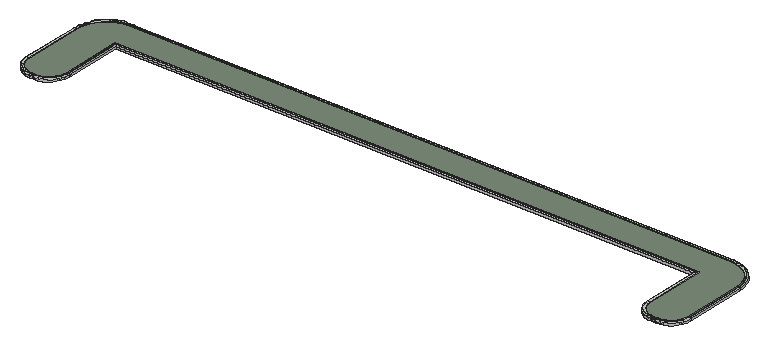
Revit family "M_Estacionamento-Um lado", category Terreno, Revit 2019
Family settings
  Cota do conector redondo = Utilizar diâmetro
  Tipo de parte = Normal
  ID de item do Seek = Parking Island-Single Sided-0000-CAN-ENU
  Com base no plano de trabalho = Não
  Sempre na vertical = Não
  Corte com vazios quando carregada = Não
  Compartilhado = Não
Parameters (values of type "15 Espaços")
  Profundidade do estacionamento = 4800 mm
  Largura do estacionamento [instance] = 36000 mm
Types (3, lengths in mm): name | Largura do estacionamento
  (no name) | 36000
  15 Espaços | 36000
  20 Espaços | 48000
Reference planes
  plane 1: z = 0
  plane 2 "Centro (Esquerda/Direita)": x = -1955.8
  plane 3: x = -42731
  plane 4: y = -6223
  plane 5: y = -1423
  plane 6: x = -40343.4
  plane 7: x = -4343.4
  plane 8: y = 405.8
  plane 9: x = -40191
  plane 10: x = -42883.4
  plane 11: y = 558.2
  plane 12: y = -1575.4
  plane 13: x = -1803.4
  plane 14: x = -4495.8
  plane 15: y = -6375.4
Forms (mm)
  Sweep 1, solid, material "Concreto, Moldado no local - Cinza"
    path origin (0, 0, 0) x (1, 0, 0) y (0, 1, 0)
      loop
        arc (-4495.8, -5156.2) -> (-4138.705, -6018.305) -> (-3276.6, -6375.4) r 1219.2
        line (-3276.6, -6375.4) -> (-3022.6, -6375.4)
        arc (-3022.6, -6375.4) -> (-2160.495, -6018.305) -> (-1803.4, -5156.2) r 1219.2
        line (-1803.4, -5156.2) -> (-1803.4, -1423)
        arc (-1803.4, -1423) -> (-2383.68, -22.08) -> (-3784.6, 558.2) r 1981.2
        line (-3784.6, 558.2) -> (-40902.2, 558.2)
        arc (-40902.2, 558.2) -> (-42303.12, -22.08) -> (-42883.4, -1423) r 1981.2
        line (-42883.4, -1423) -> (-42883.4, -5156.2)
        arc (-42883.4, -5156.2) -> (-42526.305, -6018.305) -> (-41664.2, -6375.4) r 1219.2
        line (-41664.2, -6375.4) -> (-41410.2, -6375.4)
        arc (-41410.2, -6375.4) -> (-40548.095, -6018.305) -> (-40191, -5156.2) r 1219.2
        line (-40191, -5156.2) -> (-40191, -1575.4) -> (-4495.8, -1575.4) -> (-4495.8, -5156.2)
    profile origin (0, -3365.8, 0) x (-1, 0, 0) y (0, 0, 1)
      loop
        line (4495.8, 0) -> (4495.8, 127)
        arc (4495.8, 127) -> (4480.921, 162.921) -> (4445, 177.8) r 50.8
        line (4445, 177.8) -> (4318, 177.8) -> (4318, 0) -> (4495.8, 0)
  Extrusion 2, solid, material "Grama"
    sketch origin (0, 0, 0) x (1, 0, 0) y (0, 1, 0)
      loop
        line (-1955.8, -5181.6) -> (-1955.8, -1423)
        arc (-1955.8, -1423) -> (-2491.443, -129.843) -> (-3784.6, 405.8) r 1828.8
        line (-3784.6, 405.8) -> (-40902.2, 405.8)
        arc (-40902.2, 405.8) -> (-42195.357, -129.843) -> (-42731, -1423) r 1828.8
        line (-42731, -1423) -> (-42731, -5181.6)
        arc (-42731, -5181.6) -> (-42425.981, -5917.981) -> (-41689.6, -6223) r 1041.4
        line (-41689.6, -6223) -> (-41384.8, -6223)
        arc (-41384.8, -6223) -> (-40648.419, -5917.981) -> (-40343.4, -5181.6) r 1041.4
        line (-40343.4, -5181.6) -> (-40343.4, -1423) -> (-4343.4, -1423) -> (-4343.4, -5181.6)
        arc (-4343.4, -5181.6) -> (-4038.381, -5917.981) -> (-3302, -6223) r 1041.4
        line (-3302, -6223) -> (-2997.2, -6223)
        arc (-2997.2, -6223) -> (-2260.819, -5917.981) -> (-1955.8, -5181.6) r 1041.4
    from 0 to 177.8
Lines and regions (mm)
  symbolic lines, style "Estacionamento"
    curve 1: line (-42731, -1423, 0) -> (-42731, -5181.655, 0)
    curve 2: line (-40343.4, -5181.655, 0) -> (-40343.4, -1423, 0)
    curve 3: line (-40343.4, -1423, 0) -> (-4343.4, -1423, 0)
    curve 4: line (-3784.6, 405.8, 0) -> (-40902.2, 405.8, 0)
    curve 5: line (-4343.4, -1423, 0) -> (-4343.4, -5181.6, 0)
    curve 6: arc (-4343.4, -5181.6, 0) -> (-4038.381, -5917.981, 0) -> (-3302, -6223, 0) r 1041.4
    curve 7: line (-3302, -6223, 0) -> (-2997.2, -6223, 0)
    curve 8: arc (-2997.2, -6223, 0) -> (-2260.819, -5917.981, 0) -> (-1955.8, -5181.6, 0) r 1041.4
    curve 9: line (-1955.8, -5181.6, 0) -> (-1955.8, -1423, 0)
    curve 10: line (-40343.4, -1423, 0) -> (-40343.4, -5181.655, 0)
    curve 11: arc (-1955.8, -1423, 0) -> (-2491.443, -129.843, 0) -> (-3784.6, 405.8, 0) r 1828.8
    curve 12: arc (-40902.2, 405.8, 0) -> (-42195.357, -129.843, 0) -> (-42731, -1423, 0) r 1828.8
    curve 13: arc (-40343.4, -5181.655, 0) -> (-40648.419, -5918.036, 0) -> (-41384.8, -6223.055, 0) r 1041.4
    curve 14: line (-41384.8, -6223.055, 0) -> (-41689.6, -6223.055, 0)
    curve 15: arc (-41689.6, -6223.055, 0) -> (-42425.981, -5918.036, 0) -> (-42731, -5181.655, 0) r 1041.4
Dimensions and locks
  plane 3 to plane 6 = 2387.6 mm
  plane 7 to plane 2 "Centro (Esquerda/Direita)" = 2387.6 mm
  "Largura do estacionamento": plane 6 to plane 7
  locked: plane 8 to plane 11 at 152.4
  locked: plane 5 to plane 12 at 152.4
  locked: plane 6 to plane 9 at 152.4
  locked: plane 10 to plane 3 at 152.4
  locked: plane 14 to plane 7 at 152.4
  locked: plane 2 "Centro (Esquerda/Direita)" to plane 13 at 152.4
  locked: plane 4 to plane 15 at 152.4
  plane 5 to plane 8 = 1828.8 mm
  "Profundidade do estacionamento": plane 5 to plane 4
  aligned and locked: Extrusion 2 sketch curve to plane 8
  aligned and locked: plane 6 to Extrusion 2 sketch curve
  aligned and locked: Extrusion 2 sketch curve to plane 3
  aligned and locked: Extrusion 2 sketch curve to plane 2 "Centro (Esquerda/Direita)"
  aligned and locked: plane 9 to Sweep 1 sketch curve
  aligned and locked: plane 10 to Sweep 1 sketch curve
  aligned and locked: Sweep 1 sketch curve to plane 11
  aligned and locked: plane 12 to Sweep 1 sketch curve
  aligned and locked: plane 15 to Sweep 1 sketch curve
  aligned and locked: Sweep 1 sketch curve to plane 14
  aligned and locked: curve 9 to plane 2 "Centro (Esquerda/Direita)"
  aligned and locked: plane 4 to curve 7
  aligned and locked: plane 7 to curve 5
  aligned and locked: curve 4 to plane 8
  aligned and locked: plane 6 to curve 10
  aligned and locked: plane 3 to curve 1
  aligned and locked: Extrusion 2 sketch curve to curve 5
Automatic sketch dimensions
  Sweep 1 sketch curve to level = 0 mm
  Sweep 1 sketch curve to profile plane = 0 mm
  profile plane to Sweep 1 sketch curve = 50.8 mm
  Sweep 1 sketch curve to Sweep 1 sketch curve = 127 mm  (x2)
  Sweep 1 sketch curve to plane 5 = 0 mm
  Sweep 1 sketch curve to plane 15 = 0 mm
  Sweep 1 sketch curve to plane 13 = 0 mm
  Sweep 1 sketch curve to plane 3 = 1066.8 mm
  Sweep 1 sketch curve to Sweep 1 sketch curve = 254 mm  (x2)
  Sweep 1 sketch curve to plane 2 "Centro (Esquerda/Direita)" = 1828.8 mm
  Sweep 1 sketch curve to plane 2 "Centro (Esquerda/Direita)" = 1320.8 mm
  Extrusion 2 sketch curve to plane 4 = 0 mm  (x2)
  Extrusion 2 sketch curve to plane 5 = 0 mm  (x3)
  Extrusion 2 sketch curve to plane 3 = 1041.4 mm
  Extrusion 2 sketch curve to Extrusion 2 sketch curve = 304.8 mm  (x2)
  Extrusion 2 sketch curve to plane 2 "Centro (Esquerda/Direita)" = 1346.2 mm
  curve 12 to plane 5 = 0 mm
  curve 11 to plane 5 = 0 mm
  curve 10 to plane 5 = 0 mm
  curve 15 to curve 2 = 1346.2 mm
  curve 7 to plane 2 "Centro (Esquerda/Direita)" = 1346.2 mm
  curve 6 to curve 8 = 304.8 mm
  curve 14 to plane 4 = 0.055 mm
  curve 14 to curve 14 = 304.8 mm
